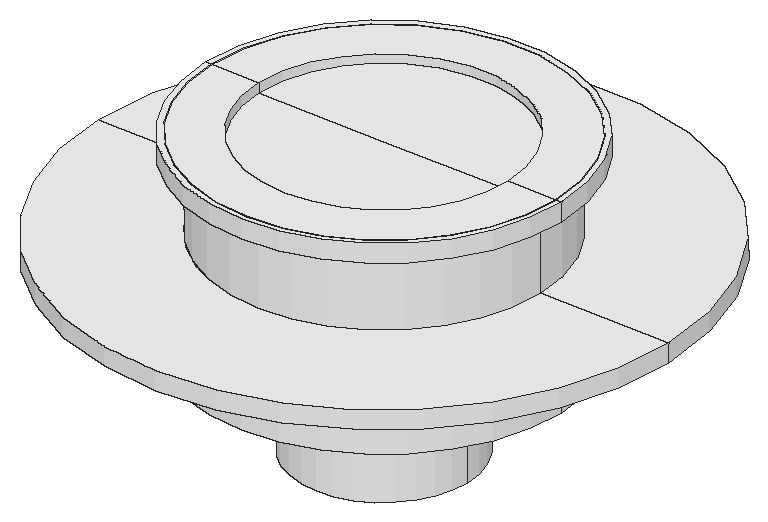
Revit family "Plumbing Fixture-FloorDrain_Mifab_C1100-T", category Plumbing Fixtures, host Face, Revit 2013
Parameters (values of type "2"")
  WFU = 0
  URL = "WWW.MIFAB.COM"
  Top Assembly Height = 1.250"
  Strainer Radius = Stainer Diameter / 2  # 4.000"
  Stainer Diameter = 8.000"
  Pipe Radius = Pipe Diameter / 2  # 1.000"
  Pipe Diameter = 2.000"
  Model = "C1100-T"
  Manufacturer = "MIFAB"
  Floor Drain Material = Paint - Sherwin Williams Paint - #952C2A - Bellwood Red
  Description = "FLOOR CLEANOUT FOR TILE AREAS WITH ROUND ADJUSTABLE COVER AND PLUG"
  Default Elevation = 0.000"
  Body Height = 2.750"
Types (4): name | Pipe Radius | Pipe Diameter
  (no name) | 1.000" | 2.000"
  2" | 1.000" | 2.000"
  3" | 1.500" | 3.000"
  4" | 2.000" | 4.000"
Reference planes (in)
  plane 1 "Center (Front/Back)": y = 0
  plane 2: z = 0
  plane 3 "Center (Left/Right)": x = 0
  plane 4: x = -4
  plane 5: x = 4
  plane 6: z = -4
  plane 7: x = -1
  plane 8: x = 1
  plane 9: x = -2.31968
  plane 10: x = 2.31968
  plane 11: z = -1.25
Forms (in)
  Revolve 1, solid, material "Paint - Sherwin Williams Paint - #952C2A - Bellwood Red" <- "Floor Drain Material"
    sketch origin (0, 0, 0) x (1, 0, 0) y (0, 0, 1)
      loop
        line (2.05, -0.16) -> (2.05, -1.9) -> (2.12, -1.9) -> (2.2, -1.82) -> (2.2, -0.25) -> (2.5, -0.25) -> (2.5, 0) -> (2.42, 0) -> (2.42, -0.16) -> (2.05, -0.16)
      axis (0, 0) -> (0, -1.9)
    angle from 0 to 360
  Revolve 2, solid, material "Paint - Sherwin Williams Paint - #952C2A - Bellwood Red" <- "Floor Drain Material"
    sketch origin (0, 0, 0) x (1, 0, 0) y (0, 0, 1)
      loop
        line (2.32, -1.5) -> (2.32, -2.51151) -> (1, -2.86151) -> (1, -4) -> (1.18, -4) -> (1.18, -3) -> (2.5, -2.65) -> (2.5, -1.5) -> (4, -1.5) -> (4, -1.25) -> (2.2, -1.25) -> (2.12, -1.33) -> (2.12, -1.42) -> (2.2, -1.5) -> (2.32, -1.5)
      axis (0, -4) -> (0, -1.25)
    angle from 0 to 360
  Revolve 3, solid, material "Paint - Sherwin Williams Paint - #952C2A - Bellwood Red" <- "Floor Drain Material"
    sketch origin (0, 0, 0) x (1, 0, 0) y (0, 0, 1)
      loop
        line (1.75, 0) -> (1.75, -0.12) -> (0, -0.12) -> (0, -0.16) -> (2.42, -0.16) -> (2.42, 0) -> (1.75, 0)
      axis (0, -0.16) -> (0, 0)
    angle from 0 to 360
Lines and regions (in)
  symbolic lines
    curve 1: circle (0, 0, 0) r 4 normal (0, 0, 1)
Dimensions and locks (in)
  equal spacing: plane 5, plane 3 "Center (Left/Right)", plane 4
  "Stainer Diameter": plane 5 to plane 4
  "Body Height": plane 11 to plane 6
  equal spacing: plane 8, plane 3 "Center (Left/Right)", plane 7
  "Pipe Diameter": plane 8 to plane 7
  "Top Assembly Height": host face to plane 11
  locked: Revolve 2 sketch curve to Revolve 2 sketch curve at 0.18
  locked: host face to Revolve 3 sketch curve at 0.12
  locked: Revolve 3 sketch curve to Revolve 3 sketch curve at 1.75
  "Strainer Radius": radius of curve 1
  aligned and locked: plane 2 to host face
  aligned and locked: level to host face
  aligned and locked: plane 1 "Center (Front/Back)" to curve 1
  aligned and locked: plane 3 "Center (Left/Right)" to curve 1
  aligned and locked: Revolve 1 sketch curve to plane 3 "Center (Left/Right)"
  aligned and locked: plane 5 to Revolve 2 sketch curve
  aligned and locked: Revolve 2 sketch curve to plane 8
  aligned and locked: Revolve 2 sketch curve to plane 11
  aligned and locked: plane 3 "Center (Left/Right)" to Revolve 2 sketch curve
  aligned and locked: Revolve 3 sketch curve to host face
  aligned and locked: Revolve 3 sketch curve to Revolve 1  (x2)
  aligned and locked: plane 3 "Center (Left/Right)" to Revolve 3 sketch curve
Automatic sketch dimensions
  host sketch curve to host sketch curve = 96.000"  (x2)
  Revolve 2 sketch curve to plane 6 = 0.000"  (x2)
  plane 10 to Revolve 2 sketch curve = 0.19968"
  Revolve 2 sketch curve to level = 0.000"
  Revolve 2 sketch curve to Revolve 2 sketch curve = 0.080"  (x3)
  Revolve 2 sketch curve to plane 10 = 0.00032"
  Revolve 2 sketch curve to Revolve 2 sketch curve = 0.180"
  Revolve 2 sketch curve to Revolve 2 sketch curve = 1.000"
  Revolve 2 sketch curve to Revolve 2 sketch curve = 0.13849"  (x2)
  plane 6 to Revolve 2 sketch curve = 1.350"
  Revolve 2 sketch curve to plane 11 = 0.250"
  Revolve 2 sketch curve to Revolve 2 sketch curve = 0.000"
  Revolve 2 sketch curve to plane 11 = 0.080"
  plane 10 to Revolve 1 sketch curve = 0.26968"
  Revolve 1 sketch curve to plane 11 = 0.650"
  Revolve 1 sketch curve to level = 0.000"  (x2)
  Revolve 1 sketch curve to plane 6 = 0.000"
  Revolve 1 sketch curve to Revolve 1 sketch curve = 0.070"
  plane 10 to Revolve 1 sketch curve = 0.11968"
  Revolve 1 sketch curve to plane 10 = 0.10032"
  Revolve 1 sketch curve to Revolve 1 sketch curve = 0.080"  (x2)
  Revolve 1 sketch curve to level = 0.250"
  Revolve 1 sketch curve to level = 0.160"
  Revolve 3 sketch curve to plane 3 "Center (Left/Right)" = 0.000"
  plane 11 to Revolve 3 sketch curve = 0.53971"
  level to Revolve 3 sketch curve = 0.14909"
  plane 1 "Center (Front/Back)" to curve 1 = 0.000"
  curve 1 to plane 3 "Center (Left/Right)" = 0.000"
Connectors (in)
  piping at (0, 0, -4), driven by "Pipe Radius"
    settings: on Revolve 2, index 1, connector radius 1", flow factor 0, pipe flow 0 GPM, pressure drop 0.00 psi, fitting loss kfactor 0, connector angle 0.00°, fixture units 0, engagement length 0.000", flow configuration 0, flow direction 0, fitting loss method 0, system type 7, joint type 0, gender type 0, connector reference index -1, connector utility 0, adjustable connector no, is connector primary yes, fitting loss table "", connector description ""
